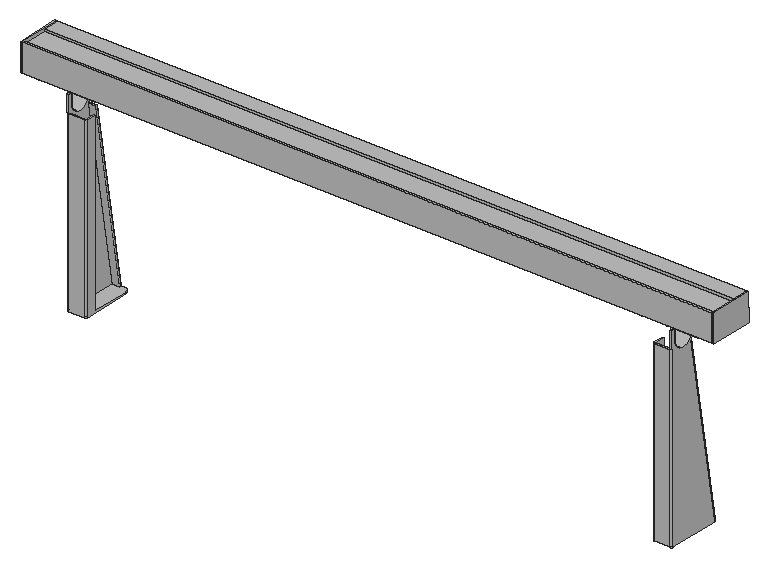
Revit family "4070757+4070747+4070772 Feilo Sylvania Lighting Fixtures CURSUS 876MM 548LM WIDE LED 3K with SINGLE WALL HOUSING with 250MM WALL BRACKET", category Lighting Fixtures, host Face, Revit 2017
Family settings
  Host = Face
  Round Connector Dimension = Use Diameter
  Part Type = Normal
  OmniClass Number = 23.80.70.14
  OmniClass Title = Luminaries for External Lighting
  Cut with Voids When Loaded = Yes
  Light Source = No
  Shared = No
  Room Calculation Point = No
Parameters (values of type "4070757 CURSUS 876MM 548LM WIDE LED 3K")
  Weight = "1.7 kg"
  Wattage Comments = "n/a"
  WarrantyStartDate [instance] = "n/a"
  WarrantyGuarantorParts = "n/a"
  WarrantyDurationUnit = "n/a"
  WarrantyDurationParts = "n/a"
  WarrantyDescription = "n/a"
  Voltage = 24 V
  URL = "http://www.sylvania-lighting.com"
  TypeName = "CURSUS 876MM 548LM WIDE LED 3K"
  TypeFixture_FEILO = CURSUS with SINGLE WALL HOUSING : CURSUS 876MM 548LM WIDE LED 3K
  Type Image = <None>
  Type Comments = "n/a"
  TiltAngle [instance] = 0.00°
  StartAngle [instance] = TiltAngle + 270.00°  # 270.00°
  SerialNumber [instance] = "n/a"
  ReflectorMaterial = none
  PowerFactor = 0
  PowerConsumption = "13.5 W"
  NominalLength = 876 mm
  NominalHeight = 50 mm
  NominalDepth = 30 mm
  Name = "CURSUS 876MM 548LM WIDE LED 3K"
  ModelReference = Name  # "CURSUS 876MM 548LM WIDE LED 3K"
  ModelNumber = "4070757"
  Model = Name  # "CURSUS 876MM 548LM WIDE LED 3K"
  Material = "natural anodised extruded aluminium structure housing"
  ManufacturerName = "Feilo Sylvania"
  Manufacturer = "Feilo Sylvania"
  LuminousEfficacy = "40.59 lm/W"
  LuminaireType = ""
  LightOutputRatio = "100"
  LampsType = Lamp  # "LED"
  LampNominalLuminous = "548 lm"
  LampMacAdamStep = "n/a"
  LampColourTemperature = "3000 K"
  LampColourRenderingIndex = "80"
  Lamp = "LED"
  Keynote = "16500"
  InstallationDate [instance] = "n/a"
  InputVoltage = "24V DC"
  InputNominalFrequency = "n/a"
  IngressProtection = "IP67"
  ImpactProtectionIndex = "IK07"
  IfcExportType = "IfcLightFixtureType"
  IfcExportAs = "IfcLightFixtureType"
  ExpectedLife = 50000
  EndAngle [instance] = StartAngle - 180.00°  # 90.00°
  ElectricShockClassification = "Class III"
  DurationUnit = "hours"
  DocumentationLiterature = "http://www.sylvania-lighting.com/product/en-int/products/4070757"
  DimmingControlOptions = "n/a"
  DiffuserMaterial = Diffuser-Sylvania-Glow
  Description = "LED Exterior Lighting Recessed Surface Mounted Linear Fixture, Natural anodised extruded aluminium structure. Die-cast aluminium end caps. Installation kit with harmonic steel springs., 548 lm, 13,5W, 40lm/W, 3000K, CRI80+,non dimmable,IP67, IK07, (HxWxD) 876x50x30mm, 3 step Mac Adam Ellipse, 1.7kg,, Classe III, 21-25V-DC, energy class : A++, A+, A"
  Default Elevation = 1219.2 mm
  CreatedOn = "1/8/2018"
  CreatedBy = ""
  Cost = 0
  built-in parameter 1114216 [instance] = (empty or 0)
  ClassificationValue = "EF_70_80"
  ClassificationName = "Uniclass2015"
  BracketWidth = 24 mm
  BracketThickness = 2 mm
  BracketHeightEnd = 32 mm
  BracketHeight = 70 mm
  BracketFlange = BracketHeight / 5  # 14 mm
  BracketExtension = 250 mm
  BracketEndReduction = 25 mm
  BracketC = 22 mm  # constant formula
  BracketDistance = 745 mm
  BracketD = BracketHeightEnd - (BracketC * (BracketHeight - BracketHeightEnd) / (BracketExtension - BracketEndReduction))  # 28.284 mm
  BodyMaterial = Body-Sylvania-Gray
  BarCode [instance] = "n/a"
  AssetType = "Fixed"
  AssetIdentifier [instance] = "n/a"
  Assembly Code = "D5020200"
  Apparent Load = 13.5 VA
  AccessoryMaterial = Diffuser-Sylvania-Glow
Reference planes
  plane 1 "Center (Front/Back)": y = 0
  plane 2: z = 0
  plane 3 "Center (Left/Right)": x = 0
  plane 4: x = -384.5
  plane 5: x = 384.5
  plane 6: y = 70
  plane 7: x = -360.5
  plane 8: x = 360.5
  plane 9: z = 250
  plane 10: z = 236
  plane 11: z = 2
  plane 12: z = 225
  plane 13: x = -382.5
  plane 14: y = 68
  plane 15: y = 2
  plane 16: x = -362.5
  plane 17: x = 362.5
  plane 18: x = 382.5
  plane 19: x = -372.5
  plane 20: x = 372.5
  plane 21: y = 14
  plane 22: y = 32
  plane 23: y = 30
  plane 24: z = 247
  plane 25: y = 28.284
  plane 26: y = 16
Forms (mm)
  Blend 1, solid, material "Body-Sylvania-Gray" <- "BodyMaterial"
    base sketch origin (1223.4, -4572, 2) x (0, -1, 0) y (1, 0, 0)
      loop
        line (-4640, -1595.9) -> (-4642, -1595.9) -> (-4642, -1605.9)
        arc (-4642, -1605.9) -> (-4641.414, -1607.314) -> (-4640, -1607.9) r 2
        line (-4640, -1607.9) -> (-4574, -1607.9)
        arc (-4574, -1607.9) -> (-4572.586, -1607.314) -> (-4572, -1605.9) r 2
        line (-4572, -1605.9) -> (-4572, -1585.9)
        arc (-4572, -1585.9) -> (-4572.586, -1584.486) -> (-4574, -1583.9) r 2
        line (-4574, -1583.9) -> (-4586, -1583.9) -> (-4586, -1585.9) -> (-4574, -1585.9) -> (-4574, -1605.9) -> (-4640, -1605.9) -> (-4640, -1595.9)
    top sketch origin (1223.4, -4572, 2) x (0, -1, 0) y (1, 0, 0)
      loop
        line (-4586, -1585.9) -> (-4574, -1585.9) -> (-4574, -1605.9) -> (-4602, -1605.9) -> (-4602, -1595.9) -> (-4604, -1595.9) -> (-4604, -1605.9)
        arc (-4604, -1605.9) -> (-4603.52, -1607.21) -> (-4602.309, -1607.9) r 2.028
        line (-4602.309, -1607.9) -> (-4574, -1607.9)
        arc (-4574, -1607.9) -> (-4572.586, -1607.314) -> (-4572, -1605.9) r 2
        line (-4572, -1605.9) -> (-4572, -1585.9)
        arc (-4572, -1585.9) -> (-4572.586, -1584.486) -> (-4574, -1583.9) r 2
        line (-4574, -1583.9) -> (-4586, -1583.9) -> (-4586, -1585.9)
    from 0 to 223
  Extrusion 2, solid, material "Body-Sylvania-Gray" <- "BodyMaterial"
    sketch origin (0, 0, 0) x (1, 0, 0) y (0, 1, 0)
      loop
        arc (-382.5, 70) -> (-383.914, 69.414) -> (-384.5, 68) r 2
        line (-384.5, 68) -> (-384.5, 2)
        arc (-384.5, 2) -> (-383.914, 0.586) -> (-382.5, 0) r 2
        line (-382.5, 0) -> (-362.5, 0)
        arc (-362.5, 0) -> (-361.086, 0.586) -> (-360.5, 2) r 2
        line (-360.5, 2) -> (-360.5, 62.5)
        arc (-360.5, 62.5) -> (-362.697, 67.803) -> (-368, 70) r 7.5
        line (-368, 70) -> (-382.5, 70)
      loop
        line (382.5, 70) -> (368, 70)
        arc (368, 70) -> (362.697, 67.803) -> (360.5, 62.5) r 7.5
        line (360.5, 62.5) -> (360.5, 2)
        arc (360.5, 2) -> (361.086, 0.586) -> (362.5, 0) r 2
        line (362.5, 0) -> (382.5, 0)
        arc (382.5, 0) -> (383.914, 0.586) -> (384.5, 2) r 2
        line (384.5, 2) -> (384.5, 68)
        arc (384.5, 68) -> (383.914, 69.414) -> (382.5, 70) r 2
    from 0 to 2
  Blend 3, solid, material "Body-Sylvania-Gray" <- "BodyMaterial"
    base sketch origin (1223.4, -4572, 2) x (0, -1, 0) y (1, 0, 0)
      loop
        line (-4640, -840.9) -> (-4574, -840.9) -> (-4574, -860.9) -> (-4586, -860.9) -> (-4586, -862.9) -> (-4574, -862.9)
        arc (-4574, -862.9) -> (-4572.586, -862.314) -> (-4572, -860.9) r 2
        line (-4572, -860.9) -> (-4572, -840.9)
        arc (-4572, -840.9) -> (-4572.586, -839.486) -> (-4574, -838.9) r 2
        line (-4574, -838.9) -> (-4640, -838.9)
        arc (-4640, -838.9) -> (-4641.414, -839.486) -> (-4642, -840.9) r 2
        line (-4642, -840.9) -> (-4642, -850.9) -> (-4640, -850.9) -> (-4640, -840.9)
    top sketch origin (1223.4, -4572, 2) x (0, -1, 0) y (1, 0, 0)
      loop
        line (-4602, -850.9) -> (-4602, -840.9) -> (-4574, -840.9) -> (-4574, -860.9) -> (-4586, -860.9) -> (-4586, -862.9) -> (-4574, -862.9)
        arc (-4574, -862.9) -> (-4572.586, -862.314) -> (-4572, -860.9) r 2
        line (-4572, -860.9) -> (-4572, -840.9)
        arc (-4572, -840.9) -> (-4572.586, -839.486) -> (-4574, -838.9) r 2
        line (-4574, -838.9) -> (-4602, -838.9)
        arc (-4602, -838.9) -> (-4603.414, -839.486) -> (-4604, -840.9) r 2
        line (-4604, -840.9) -> (-4604, -850.9) -> (-4602, -850.9)
    from 0 to 223
  Blend 4, solid, material "Body-Sylvania-Gray" <- "BodyMaterial"
    base sketch origin (1223.4, -4572, 225) x (0, -1, 0) y (1, 0, 0)
      loop
        line (-4604, -1607.9) -> (-4572, -1607.9) -> (-4572, -1605.9) -> (-4604, -1605.9) -> (-4604, -1607.9)
    top sketch origin (1223.4, -4572, 225) x (0, -1, 0) y (1, 0, 0)
      loop
        line (-4572, -1607.9) -> (-4572, -1605.9) -> (-4600.284, -1605.9) -> (-4600.284, -1607.9) -> (-4572, -1607.9)
    from 0 to 22
  Blend 5, solid, material "Body-Sylvania-Gray" <- "BodyMaterial"
    base sketch origin (1223.4, -4572, 225) x (0, -1, 0) y (1, 0, 0)
      loop
        line (-4604, -840.9) -> (-4572, -840.9) -> (-4572, -838.9) -> (-4604, -838.9) -> (-4604, -840.9)
    top sketch origin (1223.4, -4572, 225) x (0, -1, 0) y (1, 0, 0)
      loop
        line (-4572, -838.9) -> (-4600.284, -838.9) -> (-4600.284, -840.9) -> (-4572, -840.9) -> (-4572, -838.9)
    from 0 to 22
  Extrusion 6, void
    sketch origin (0, 0, 0) x (0, 1, 0) y (0, 0, 1)
      loop
        line (0, 225) -> (2, 225) -> (2, 226.5) -> (0, 226.5) -> (0, 225)
      loop
        line (32, 225) -> (32, 226.5) -> (30, 226.5) -> (30, 225) -> (32, 225)
    from -384.5 to 384.5
  Revolve 7, solid, not visible
    sketch origin (1524, 16, 1219.2) x (1, 0, 0) y (0, 0, 1)
      loop
        line (-1524, -972.2) -> (-1524, -983.2) -> (-1151.5, -983.2) -> (-1151.5, -972.2) -> (-1524, -972.2)
      axis (-1151.5, -983.2) -> (-1524, -983.2)
    angle from 270 <- "StartAngle" to 90 <- "EndAngle"
Cuts and joins
  Extrusion 6 cuts Blend 4
  Extrusion 6 cuts Blend 5
  joined: Blend 1, Extrusion 2, Blend 3, Blend 4, Blend 5
Lines and regions (mm)
  reference lines, not visible
    curve 1: line (-360.5, 16, 236) -> (360.5, 16, 236)
Dimensions and locks
  equal spacing: plane 4, plane 3 "Center (Left/Right)", plane 5
  "BracketDistance": plane 19 to plane 20
  "BracketHeight": plane 1 "Center (Front/Back)" to plane 6
  equal spacing: plane 7, plane 3 "Center (Left/Right)", plane 8
  "BracketWidth": plane 4 to plane 7
  "BracketExtension": plane 9 to plane 2
  "BracketThickness": plane 11 to plane 2
  "BracketEndReduction": plane 9 to plane 12
  equal spacing: plane 13, plane 3 "Center (Left/Right)", plane 18
  equal spacing: plane 16, plane 3 "Center (Left/Right)", plane 17
  "BracketThickness": plane 4 to plane 13
  "BracketThickness": plane 16 to plane 7
  "BracketThickness": plane 14 to plane 6
  "BracketThickness": plane 1 "Center (Front/Back)" to plane 15
  equal spacing: plane 4, plane 19, plane 7
  equal spacing: plane 8, plane 20, plane 5
  "BracketFlange": plane 1 "Center (Front/Back)" to plane 21
  "BracketHeightEnd": plane 1 "Center (Front/Back)" to plane 22
  "BracketThickness": plane 23 to plane 22
  locked: Extrusion 2 sketch curve to plane 7 at 7.5
  locked: Extrusion 2 sketch curve to plane 6 at 7.5  (x2)
  locked: plane 8 to Extrusion 2 sketch curve at 7.5
  "BracketC": plane 24 to plane 12
  "BracketD": plane 1 "Center (Front/Back)" to plane 25
  locked: plane 12 to Extrusion 6 sketch curve at 1.5
  equal spacing: plane 24, plane 10, plane 12
  equal spacing: plane 1 "Center (Front/Back)", plane 26, plane 22
  aligned and locked: plane 2 to host face
  aligned and locked: level to host face
  aligned and locked: plane 4 to Blend 1 sketch curve  (x2)
  aligned and locked: plane 13 to Blend 1 sketch curve  (x3)
  aligned and locked: Blend 1 sketch curve to plane 15
  aligned and locked: Blend 1 sketch curve to plane 16
  aligned and locked: Blend 1 sketch curve to plane 21
  aligned and locked: plane 7 to Blend 1 sketch curve
  aligned and locked: plane 16 to Blend 1 sketch curve
  aligned and locked: plane 1 "Center (Front/Back)" to Blend 1 sketch curve
  aligned and locked: plane 14 to Blend 1 sketch curve
  aligned and locked: Blend 1 sketch curve to var sketch  (x6)
  aligned and locked: Blend 1 sketch curve to plane 19
  aligned and locked: Blend 1 sketch curve to plane 22
  aligned and locked: plane 23 to Blend 1 sketch curve
  aligned and locked: plane 11 to Blend 1
  aligned and locked: Extrusion 2 sketch curve to Blend 1  (x3)
  aligned and locked: Extrusion 2 to level
  aligned and locked: Extrusion 2 to plane 11
  aligned and locked: Extrusion 2 sketch curve to plane 7
  aligned and locked: plane 18 to Blend 3 sketch curve  (x4)
  aligned and locked: plane 14 to Blend 3 sketch curve  (x2)
  aligned and locked: Blend 3 sketch curve to plane 20
  aligned and locked: Blend 3 sketch curve to plane 6
  aligned and locked: plane 5 to Blend 3 sketch curve
  aligned and locked: plane 1 "Center (Front/Back)" to Blend 3 sketch curve
  aligned and locked: plane 15 to Blend 3 sketch curve  (x2)
  aligned and locked: Blend 3 sketch curve to plane 8
  aligned and locked: Blend 3 sketch curve to plane 21
  aligned and locked: plane 17 to Blend 3 sketch curve
  aligned and locked: Blend 3 sketch curve to plane 18
  aligned and locked: plane 20 to Blend 3 sketch curve  (x2)
  aligned and locked: Blend 3 sketch curve to plane 23
  aligned and locked: Blend 3 sketch curve to var sketch  (x8)
  aligned and locked: var sketch to Blend 3 sketch curve
  aligned and locked: plane 22 to Blend 3 sketch curve
  aligned and locked: plane 11 to Blend 3
  aligned and locked: Extrusion 2 sketch curve to Blend 3  (x4)
  aligned and locked: Blend 1 to plane 12
  aligned and locked: Blend 3 to plane 12
  aligned and locked: Blend 4 sketch curve to plane 22
  aligned and locked: Blend 4 sketch curve to cut or joined group of Blend 1, Extrusion 2, Blend 3, Blend 4, Blend 5, Extrusion 6  (x2)
  aligned and locked: cut or joined group of Blend 1, Extrusion 2, Blend 3, Blend 4, Blend 5, Extrusion 6 to Blend 4 sketch curve
  aligned and locked: Blend 4 sketch curve to var sketch  (x2)
  aligned and locked: Blend 4 sketch curve to plane 13
  aligned and locked: Blend 4 to plane 24
  aligned and locked: Blend 4 sketch curve to plane 25
  aligned and locked: Blend 5 sketch curve to plane 18  (x2)
  aligned and locked: plane 1 "Center (Front/Back)" to Blend 5 sketch curve
  aligned and locked: plane 5 to Blend 5 sketch curve
  aligned and locked: plane 22 to Blend 5 sketch curve
  aligned and locked: Blend 5 sketch curve to var sketch
  aligned and locked: var sketch to Blend 5 sketch curve
  aligned and locked: Blend 5 sketch curve to plane 25
  aligned and locked: Blend 5 to plane 24
  aligned and locked: plane 12 to Blend 5
  aligned and locked: Extrusion 6 sketch curve to cut or joined group of Blend 1, Extrusion 2, Blend 3, Blend 4, Blend 5, Extrusion 6  (x2)
  aligned and locked: Extrusion 6 sketch curve to Extrusion 6 sketch curve
  aligned and locked: Extrusion 6 sketch curve to plane 15
  aligned and locked: plane 5 to Extrusion 6
  aligned and locked: Extrusion 6 to plane 4
  aligned and locked: Extrusion 6 sketch curve to plane 23
  aligned and locked: Revolve 7 sketch curve to plane 10  (x2)
  aligned and locked: plane 24 to Revolve 7 sketch curve
  aligned and locked: plane 3 "Center (Left/Right)" to Revolve 7 sketch curve
  aligned and locked: Revolve 7 sketch curve to plane 20
  aligned and locked: plane 7 to curve 1
  aligned and locked: plane 10 to curve 1
  aligned and locked: nested 1 to plane 5
  aligned and locked: nested 2 to plane 4
  aligned and locked: nested 1 to curve 1
  aligned and locked: nested 2 to curve 1
  aligned and locked: nested 1 to nested 3
  aligned and locked: nested 3 to plane 3 "Center (Left/Right)"
Automatic sketch dimensions
  host sketch curve to host sketch curve = 2438.4 mm  (x2)
  Blend 1 sketch curve to plane 13 = 0 mm
  plane 15 to Blend 1 sketch curve = 0 mm  (x3)
  Blend 1 sketch curve to plane 23 = 0.309 mm
  plane 6 to Blend 1 sketch curve = 0 mm
  plane 14 to Blend 1 sketch curve = 0 mm
  Blend 1 sketch curve to plane 19 = 0 mm
  Blend 3 sketch curve to plane 17 = 0 mm
  Extrusion 6 sketch curve to plane 1 "Center (Front/Back)" = 0 mm
  plane 12 to Extrusion 6 sketch curve = 0 mm
  Revolve 7 sketch curve to plane 4 = 1153 mm
  plane 5 to Revolve 7 sketch curve = 1161.4 mm
  curve 1 to plane 8 = 0 mm
Nested families
  nested 1: "MountingPlate" at (383.5, 16, 236) x (-1, 0, 0) z (0, 0, 1), type "MountingPlate"
  nested 2: "MountingPlate" at (-383.5, 16, 236) x (-1, 0, 0) z (0, 0, 1), type "MountingPlate"
  nested 3: "CURSUS with SINGLE WALL HOUSING" at (0, -4, 254) x (-1, 0, 0) z (0, 0, 1), type <- "TypeFixture_FEILO", type "CURSUS 876MM 548LM WIDE LED 3K"
    with WarrantyStartDate "n/a", SerialNumber "n/a", InstallationDate "n/a", EndCapRight yes, EndCapLeft yes, built-in parameter 1114216 (empty or 0), BarCode "n/a", AssetIdentifier "n/a"
Connectors
  electrical at (0, 0, 0), driven by "Voltage", driven by "Apparent Load", driven by "PowerFactor"
    settings: index 1, voltage 24 V, apparent load 13.5 VA, apparent load phase1 0 VA, apparent load phase2 0 VA, apparent load phase3 0 VA, power factor 0, load classification "Other", number of poles 1, system type 30, power factor state 1, is connector primary yes, connector utility no, sub classification motor no, connector description ""
Definition of nested family "MountingPlate"
  Parameters (values of type "MountingPlate")
    URL = "http://www.feilosylvania.com"
    Type Comments = "n/a"
    ReflectorMaterial = none
    MountingPlateWidth = 76 mm
    MountingPlateThickness = 2 mm
    MountingPlateRadiusBack = 12 mm
    MountingPlateRadius = 3 mm
    MountingPlateHeight = 35 mm
    Model = "n/a"
    Manufacturer = "Feilo Sylvania"
    Keynote = "n/a"
    DiffuserMaterial = none
    Description = "n/a"
    Default Elevation = 1219.2 mm
    Cost = 0
    BodyMaterial = none
    Assembly Code = "n/a"
    AccessoryMaterial = none
  Reference planes
    plane 1 "Center (Front/Back)": y = 0
    plane 2: z = 0
    plane 3 "Center (Left/Right)": x = 0
    plane 4: x = -38
    plane 5: x = 38
    plane 6: y = 17.5
    plane 7: y = -17.5
    plane 8: x = -3
    plane 9: x = 3
    plane 10: z = 18
    plane 11: z = 16
    plane 12: y = 12.5
    plane 13: y = -12.5
    plane 14: x = -1
    plane 15: x = 1
    plane 16: z = -12.5
    plane 17: z = -14.5
  Forms (mm)
    Extrusion 1, solid
      sketch origin (1.653, 0, 0) x (1, 0, 0) y (0, 1, 0)
        loop
          line (-1219.2, 1219.2) -> (-1219.2, -1219.2) -> (1219.2, -1219.2) -> (1219.2, 1219.2) -> (-1219.2, 1219.2)
      from 0 to -304.8
    Extrusion 2, solid, material <- "BodyMaterial"
      sketch origin (1218.4, -4572, 16) x (0, -1, 0) y (-1, 0, 0)
        loop
          line (-4589.5, 1253.4) -> (-4589.5, 1224.4)
          arc (-4589.5, 1224.4) -> (-4588.621, 1222.279) -> (-4586.5, 1221.4) r 3
          line (-4586.5, 1221.4) -> (-4557.5, 1221.4)
          arc (-4557.5, 1221.4) -> (-4555.379, 1222.279) -> (-4554.5, 1224.4) r 3
          line (-4554.5, 1224.4) -> (-4554.5, 1253.4)
          arc (-4554.5, 1253.4) -> (-4555.379, 1255.521) -> (-4557.5, 1256.4) r 3
          line (-4557.5, 1256.4) -> (-4586.5, 1256.4)
          arc (-4586.5, 1256.4) -> (-4588.621, 1255.521) -> (-4589.5, 1253.4) r 3
        loop
          arc (-4589.5, 1183.4) -> (-4588.621, 1181.279) -> (-4586.5, 1180.4) r 3
          line (-4586.5, 1180.4) -> (-4557.5, 1180.4)
          arc (-4557.5, 1180.4) -> (-4555.379, 1181.279) -> (-4554.5, 1183.4) r 3
          line (-4554.5, 1183.4) -> (-4554.5, 1212.4)
          arc (-4554.5, 1212.4) -> (-4555.379, 1214.521) -> (-4557.5, 1215.4) r 3
          line (-4557.5, 1215.4) -> (-4586.5, 1215.4)
          arc (-4586.5, 1215.4) -> (-4588.621, 1214.521) -> (-4589.5, 1212.4) r 3
          line (-4589.5, 1212.4) -> (-4589.5, 1183.4)
      from 0 to -2
    Extrusion 3, solid, material <- "BodyMaterial"
      sketch origin (0, 0, 0) x (1, 0, 0) y (0, 0, 1)
        loop
          line (-3, 18) -> (-3, -12.5) -> (-1, -12.5) -> (-1, 16)
          arc (-1, 16) -> (-1.586, 17.414) -> (-3, 18) r 2
        loop
          line (3, -12.5) -> (3, 18)
          arc (3, 18) -> (1.586, 17.414) -> (1, 16) r 2
          line (1, 16) -> (1, -12.5) -> (3, -12.5)
      from -12.5 to 12.5
    Extrusion 4, void
      sketch origin (0, 0, 0) x (0, 1, 0) y (0, 0, 1)
        loop
          line (-12.5, -0.5) -> (-17.5, -0.5) -> (-17.5, -14.5) -> (-0.5, -14.5) -> (-0.5, -12.5)
          arc (-0.5, -12.5) -> (-8.985, -8.985) -> (-12.5, -0.5) r 12
        loop
          line (0.5, -12.5) -> (0.5, -14.5) -> (17.5, -14.5) -> (17.5, -0.5) -> (12.5, -0.5)
          arc (12.5, -0.5) -> (8.985, -8.985) -> (0.5, -12.5) r 12
      from -3 to 3
  Cuts and joins
    Extrusion 4 cuts Extrusion 2
    Extrusion 4 cuts Extrusion 3
    joined: Extrusion 2, Extrusion 3
  Lines and regions (mm)
    reference lines
      curve 1: line (-38, 0, 0) -> (38, 0, 0)
  Dimensions and locks
    equal spacing: plane 4, plane 3 "Center (Left/Right)", plane 5
    "MountingPlateWidth": plane 4 to plane 5
    equal spacing: plane 7, plane 1 "Center (Front/Back)", plane 6
    "MountingPlateHeight": plane 7 to plane 6
    equal spacing: plane 8, plane 3 "Center (Left/Right)", plane 9
    "MountingPlateHeight": plane 4 to plane 8
    locked: plane 10 to plane 2 at 18
    "MountingPlateThickness": plane 10 to plane 11
    equal spacing: plane 13, plane 1 "Center (Front/Back)", plane 12
    locked: plane 13 to plane 12 at 25
    "MountingPlateRadius": plane 4 to Extrusion 2 sketch curve  (x2)
    "MountingPlateRadius": Extrusion 2 sketch curve to plane 6  (x4)
    "MountingPlateRadius": Extrusion 2 sketch curve to plane 8  (x2)
    "MountingPlateRadius": plane 7 to Extrusion 2 sketch curve  (x4)
    "MountingPlateRadius": plane 9 to Extrusion 2 sketch curve  (x2)
    "MountingPlateRadius": Extrusion 2 sketch curve to plane 5  (x2)
    equal spacing: plane 15, plane 3 "Center (Left/Right)", plane 14
    "MountingPlateThickness": plane 14 to plane 8
    locked: plane 2 to plane 16 at 12.5
    locked: plane 17 to plane 16 at 2
    "MountingPlateRadiusBack": plane 13 to Extrusion 4 sketch curve
    "MountingPlateRadiusBack": plane 16 to Extrusion 4 sketch curve  (x2)
    "MountingPlateRadiusBack": Extrusion 4 sketch curve to plane 12
    aligned and locked: plane 2 to Extrusion 1
    aligned and locked: level to Extrusion 1
    aligned and locked: Extrusion 2 sketch curve to plane 6
    aligned and locked: Extrusion 2 sketch curve to plane 4
    aligned and locked: plane 7 to Extrusion 2 sketch curve
    aligned and locked: plane 8 to Extrusion 2 sketch curve
    aligned and locked: plane 6 to Extrusion 2 sketch curve
    aligned and locked: Extrusion 2 sketch curve to plane 5
    aligned and locked: Extrusion 2 sketch curve to plane 7
    aligned and locked: plane 9 to Extrusion 2 sketch curve
    aligned and locked: Extrusion 2 to plane 10
    aligned and locked: plane 11 to Extrusion 2
    aligned and locked: Extrusion 3 sketch curve to Extrusion 2  (x2)
    aligned and locked: plane 16 to Extrusion 3 sketch curve  (x2)
    aligned and locked: plane 14 to Extrusion 3 sketch curve
    aligned and locked: plane 9 to Extrusion 3 sketch curve
    aligned and locked: plane 15 to Extrusion 3 sketch curve
    aligned and locked: Extrusion 3 to plane 12
    aligned and locked: plane 13 to Extrusion 3
    aligned and locked: plane 17 to Extrusion 4 sketch curve  (x2)
    aligned and locked: Extrusion 4 sketch curve to plane 7
    aligned and locked: Extrusion 4 sketch curve to plane 6
    aligned and locked: plane 9 to Extrusion 4
    aligned and locked: Extrusion 4 to plane 8
    aligned and locked: plane 4 to curve 1
    aligned and locked: curve 1 to level
  Automatic sketch dimensions
    Extrusion 1 sketch curve to Extrusion 1 sketch curve = 2438.4 mm  (x2)
    Extrusion 3 sketch curve to plane 11 = 0 mm
    curve 1 to plane 5 = 0 mm
    Extrusion 4 sketch curve to plane 13 = 0 mm
    Extrusion 4 sketch curve to plane 12 = 0 mm
Definition of nested family "CURSUS with SINGLE WALL HOUSING"
  Parameters (values of type "CURSUS 1161MM 827LM OVAL LED 3K")
    Width_FEILO = 35 mm
    Weight = "2.2 kg"
    Wattage Comments = "n/a"
    Wattage = 18 W
    WarrantyStartDate [instance] = "n/a"
    WarrantyGuarantorParts = "n/a"
    WarrantyDurationUnit = "n/a"
    WarrantyDurationParts = "n/a"
    WarrantyDescription = "n/a"
    WallThickness_FEILO = 2.5 mm
    built-in parameter 1150110 = 1 (stored number, unit not read)
    Voltage = 24 V
    URL = "http://www.feilosylvania.com"
    TypeName = "CURSUS 1161MM 827LM OVAL LED 3K"
    Type Image = (empty or 0)
    Type Comments = "n/a"
    built-in parameter 1114217 = 1 (stored number, unit not read)
    Tilt Angle = -90.00°
    built-in parameter 1150109 = 1 (stored number, unit not read)
    built-in parameter 1150134 = (empty or 0)
    built-in parameter 1150113 = 1 (stored number, unit not read)
    SerialNumber [instance] = "n/a"
    ReflectorMaterial = none
    PowerFactor = 0
    PowerConsumption = "18 W"
    Photometric Web File = "4070765.ies"
    NominalLength = 1161 mm
    NominalHeight = 50 mm
    NominalDepth = 30 mm
    Name = "CURSUS 1161MM 827LM OVAL LED 3K"
    ModelReference = Name  # "CURSUS 1161MM 827LM OVAL LED 3K"
    ModelNumber = ""
    Model = Name  # "CURSUS 1161MM 827LM OVAL LED 3K"
    Material = "natural anodised extruded aluminium structure housing, optical system with pmma lenses diffuser"
    ManufacturerName = "Feilo Sylvania"
    Manufacturer = "Feilo Sylvania"
    LuminousEfficacy = "45.94 lm/W"
    built-in parameter 1150105 = 1166.5 (stored number, unit not read)
    Lumens = 827 lm
    LuminaireType = ""
    built-in parameter 1150115 = 1 (stored number, unit not read)
    LightOutputRatio = "100"
    built-in parameter 1150137 = (empty or 0)
    built-in parameter 1150139 = (empty or 0)
    Length_FEILO = 1167 mm
    LampsType = Lamp  # "LED"
    LampNominalLuminous = "827 lm"
    LampMacAdamStep = "n/a"
    LampColourTemperature = "3000 K"
    LampColourRenderingIndex = "80"
    built-in parameter 1150112 = 1 (stored number, unit not read)
    built-in parameter 1150114 = 1 (stored number, unit not read)
    Lamp = "LED"
    Keynote = "16500"
    InstallationDate [instance] = "n/a"
    InputVoltage = "24V DC"
    InputNominalFrequency = "n/a"
    built-in parameter 1150132 = (empty or 0)
    built-in parameter 1150102 = (empty or 0)
    built-in parameter 1150107 = 3000 (stored number, unit not read)
    built-in parameter 1150138 = (empty or 0)
    IngressProtection = "IP67"
    ImpactProtectionIndex = "IK07"
    built-in parameter 1150106 = 11.665 (stored number, unit not read)
    IfcExportType = "IfcLightFixtureType"
    IfcExportAs = "IfcLightFixtureType"
    ExpectedLife = 50000
    EndCapRight [instance] = yes
    EndCapLeft [instance] = yes
    Emit from Rectangle Width = Width_FEILO - WallThickness_FEILO * 2  # 30 mm
    Emit from Rectangle Length = Length_FEILO - WallThickness_FEILO * 2  # 1162 mm
    Emit Shape Visible in Rendering = no
    ElectricShockClassification = "Class III"
    built-in parameter 1150104 = 4.2684 (stored number, unit not read)
    DurationUnit = "hours"
    DocumentationLiterature = "http://www.feilosylvania.com/product/en-int/products/4070765"
    DimmingControlOptions = "n/a"
    Dimming Lamp Color Temperature Shift = (empty or 0)
    DiffuserMaterial = none
    Description = "LED Exterior Lighting Recessed Surface Mounted Linear Fixture, Natural anodised extruded aluminium structure. Die-cast aluminium end caps. Installation kit with harmonic steel springs., 827 lm, 18W, 45lm/W, 3000K, CRI80+,non dimmable,IP67, IK07, (HxWxD) 1161x50x30mm, 3 step Mac Adam Ellipse, 2.2kg,, Classe III, 21-25V-DC, energy class : A++, A+, A"
    Default Elevation = 1219.2 mm
    CreatedOn = "1/8/2018"
    CreatedBy = "aron.fodor@feilosylvania.com"
    Cost = 0
    Color Filter = 16777215
    built-in parameter 1114216 [instance] = (empty or 0)
    ClassificationValue = "EF_70_80"
    ClassificationName = "Uniclass2015"
    BodyMaterial = none
    BarCode [instance] = "n/a"
    built-in parameter 1114218 = 1 (stored number, unit not read)
    built-in parameter 1150133 = 10 (stored number, unit not read)
    AssetType = "Fixed"
    AssetIdentifier [instance] = "n/a"
    Assembly Code = "D5020200"
    Apparent Load = 18 VA
    AccessoryMaterial = none
  Types (16, lengths in mm): name | Weight | Wattage | Voltage | TypeName | built-in parameter 1150134 | PowerConsumption | Photometric Web File | NominalLength | Name | ModelReference | Model | Material | LuminousEfficacy | built-in parameter 1150105 | Lumens | Length_FEILO | LampNominalLuminous | LampColourTemperature | InputVoltage | InputNominalFrequency | built-in parameter 1150107 | built-in parameter 1150106 | Emit from Rectangle Length | built-in parameter 1150104 | DocumentationLiterature | Description | Apparent Load
    CURSUS 1161MM 827LM OVAL LED 3K | "2.2 kg" | 18 W | 24 V | "CURSUS 1161MM 827LM OVAL LED 3K" | (empty or 0) | "18 W" | "4070765.ies" | 1161 | "CURSUS 1161MM 827LM OVAL LED 3K" | "CURSUS 1161MM 827LM OVAL LED 3K" | "CURSUS 1161MM 827LM OVAL LED 3K" | "natural anodised extruded aluminium structure housing, optical system with pmma lenses diffuser" | "45.94 lm/W" | 1166.5 (stored number, unit not read) | 827 lm | 1167 | "827 lm" | "3000 K" | "24V DC" | "n/a" | 3000 (stored number, unit not read) | 11.665 (stored number, unit not read) | 1162 | 4.2684 (stored number, unit not read) | "http://www.feilosylvania.com/product/en-int/products/4070765" | "LED Exterior Lighting Recessed Surface Mounted Linear Fixture, Natural anodised extruded aluminium structure. Die-cast aluminium end caps. Installation kit with harmonic steel springs., 827 lm, 18W, 45lm/W, 3000K, CRI80+,non dimmable,IP67, IK07, (HxWxD) 1161x50x30mm, 3 step Mac Adam Ellipse, 2.2kg,, Classe III, 21-25V-DC, energy class : A++, A+, A" | 18 VA
    CURSUS 1161MM 731LM WIDE LED 3K | "2.2 kg" | 18 W | 230 V | "CURSUS 1161MM 731LM WIDE LED 3K" | (empty or 0) | "18 W" | "4070764.ies" | 1161 | "CURSUS 1161MM 731LM WIDE LED 3K" | "CURSUS 1161MM 731LM WIDE LED 3K" | "CURSUS 1161MM 731LM WIDE LED 3K" | "natural anodised extruded aluminium structure housing" | "40.61 lm/W" | 403.47 (stored number, unit not read) | 731 lm | 1167 | "731 lm" | "3000 K" | "220-240V~" | "n/a" | 3000 (stored number, unit not read) | 4.0347 (stored number, unit not read) | 1162 | 3.7729 (stored number, unit not read) | "http://www.feilosylvania.com/product/en-int/products/4070764" | "LED Exterior Lighting Recessed Surface Mounted Linear Fixture, Natural anodised extruded aluminium structure. Die-cast aluminium end caps. Installation kit with harmonic steel springs., 731 lm, 18W, 40lm/W, 3000K, CRI80+,non dimmable,IP67, IK07, (HxWxD) 1161x50x30mm, 3 step Mac Adam Ellipse, 2.2kg,, Classe III, 21-25V-DC, energy class : A++, A+, A" | 18 VA
    CURSUS 1161MM 871LM OVAL LED 4K | "2.2 kg" | 18 W | 24 V | "CURSUS 1161MM 871LM OVAL LED 4K" | 12 | "18 W" | "4070763.ies" | 1161 | "CURSUS 1161MM 871LM OVAL LED 4K" | "CURSUS 1161MM 871LM OVAL LED 4K" | "CURSUS 1161MM 871LM OVAL LED 4K" | "natural anodised extruded aluminium structure housing, optical system with pmma lenses diffuser" | "48.38 lm/W" | 1192.8 (stored number, unit not read) | 871 lm | 1167 | "871 lm" | "4000 K" | "24V DC" | "50/60 Hz" | 4000 (stored number, unit not read) | 11.928 (stored number, unit not read) | 1162 | 4.4955 (stored number, unit not read) | "http://www.feilosylvania.com/product/en-int/products/4070763" | "LED Exterior Lighting Recessed Surface Mounted Linear Fixture, Natural anodised extruded aluminium structure. Die-cast aluminium end caps. Installation kit with harmonic steel springs., 871 lm, 18W,  48lm/W, 4000K, CRI80+,non dimmable,IP67, IK07, (HxWxD) 1161x50x30mm, 3 step Mac Adam Ellipse, 2.2kg,, Classe III, 21-25V-DC, energy class : A++, A+, A" | 18 VA
    CURSUS 1161MM 770LM WIDE LED 4K | "2.2 kg" | 18 W | 230 V | "CURSUS 1161MM 770LM WIDE LED 4K" | 12 | "18 W" | "4070762.ies" | 1161 | "CURSUS 1161MM 770LM WIDE LED 4K" | "CURSUS 1161MM 770LM WIDE LED 4K" | "CURSUS 1161MM 770LM WIDE LED 4K" | "natural anodised extruded aluminium structure housing" | "42.77 lm/W" | 424.94 (stored number, unit not read) | 770 lm | 1167 | "770 lm" | "4000 K" | "220-240V~" | "n/a" | 4000 (stored number, unit not read) | 4.2494 (stored number, unit not read) | 1162 | 3.9742 (stored number, unit not read) | "http://www.feilosylvania.com/product/en-int/products/4070762" | "LED Exterior Lighting Recessed Surface Mounted Linear Fixture, Natural anodised extruded aluminium structure. Die-cast aluminium end caps. Installation kit with harmonic steel springs., 770 lm, 18W,  42lm/W, 4000K, CRI80+,non dimmable,IP67, IK07, (HxWxD) 1161x50x30mm, 3 step Mac Adam Ellipse, 2.2kg,, Classe III, 21-25V-DC, energy class : A++, A+, A" | 18 VA
    CURSUS 876MM 620LM OVAL LED 3K | "1.7 kg" | 13.5 W | 24 V | "CURSUS 876MM 620LM OVAL LED 3K" | (empty or 0) | "13.5 W" | "4070758.ies" | 876 | "CURSUS 876MM 620LM OVAL LED 3K" | "CURSUS 876MM 620LM OVAL LED 3K" | "CURSUS 876MM 620LM OVAL LED 3K" | "natural anodised extruded aluminium structure housing, optical system with pmma lenses diffuser" | "45.92 lm/W" | 874.55 (stored number, unit not read) | 620 lm | 882 | "620 lm" | "3000 K" | "24V DC" | "50/60 Hz" | 3000 (stored number, unit not read) | 8.7455 (stored number, unit not read) | 877 | 4.2667 (stored number, unit not read) | "http://www.feilosylvania.com/product/en-int/products/4070758" | "LED Exterior Lighting Recessed Surface Mounted Linear Fixture, Natural anodised extruded aluminium structure. Die-cast aluminium end caps. Installation kit with harmonic steel springs., 620 lm, 13,5W, 45lm/W, 3000K, CRI80+,non dimmable,IP67, IK07, (HxWxD) 876x50x30mm, 3 step Mac Adam Ellipse, 1.7kg,, Classe III, 21-25V-DC, energy class : A++, A+, A" | 13.5 VA
    CURSUS 876MM 548LM WIDE LED 3K | "1.7 kg" | 13.5 W | 24 V | "CURSUS 876MM 548LM WIDE LED 3K" | (empty or 0) | "13.5 W" | "4070757.ies" | 876 | "CURSUS 876MM 548LM WIDE LED 3K" | "CURSUS 876MM 548LM WIDE LED 3K" | "CURSUS 876MM 548LM WIDE LED 3K" | "natural anodised extruded aluminium structure housing" | "40.59 lm/W" | 302.47 (stored number, unit not read) | 548 lm | 882 | "548 lm" | "3000 K" | "24V DC" | "n/a" | 3000 (stored number, unit not read) | 3.0247 (stored number, unit not read) | 877 | 3.7712 (stored number, unit not read) | "http://www.feilosylvania.com/product/en-int/products/4070757" | "LED Exterior Lighting Recessed Surface Mounted Linear Fixture, Natural anodised extruded aluminium structure. Die-cast aluminium end caps. Installation kit with harmonic steel springs., 548 lm, 13,5W, 40lm/W, 3000K, CRI80+,non dimmable,IP67, IK07, (HxWxD) 876x50x30mm, 3 step Mac Adam Ellipse, 1.7kg,, Classe III, 21-25V-DC, energy class : A++, A+, A" | 13.5 VA
    CURSUS 876MM 653LM OVAL LED 4K | "1.7 kg" | 13.5 W | 24 V | "CURSUS 876MM 653LM OVAL LED 4K" | 12 | "13.5 W" | "4070756.ies" | 876 | "CURSUS 876MM 653LM OVAL LED 4K" | "CURSUS 876MM 653LM OVAL LED 4K" | "CURSUS 876MM 653LM OVAL LED 4K" | "natural anodised extruded aluminium structure housing, optical system with pmma lenses diffuser" | "48.37 lm/W" | 894.28 (stored number, unit not read) | 653 lm | 882 | "653 lm" | "4000 K" | "24V DC" | "n/a" | 4000 (stored number, unit not read) | 8.9428 (stored number, unit not read) | 877 | 4.4938 (stored number, unit not read) | "http://www.feilosylvania.com/product/en-int/products/4070756" | "LED Exterior Lighting Recessed Surface Mounted Linear Fixture, Natural anodised extruded aluminium structure. Die-cast aluminium end caps. Installation kit with harmonic steel springs., 653 lm, 13,5W,  48lm/W, 4000K, CRI80+,non dimmable,IP67, IK07, (HxWxD) 876x50x30mm, 3 step Mac Adam Ellipse, 1.7kg,, Classe III, 21-25V-DC, energy class : A++, A+, A" | 13.5 VA
    CURSUS 876MM 577LM WIDE LED 4K | "1.7 kg" | 13.5 W | 24 V | "CURSUS 876MM 577LM WIDE LED 4K" | 12 | "13.5 W" | "4070755.ies" | 876 | "CURSUS 876MM 577LM WIDE LED 4K" | "CURSUS 876MM 577LM WIDE LED 4K" | "CURSUS 876MM 577LM WIDE LED 4K" | "natural anodised extruded aluminium structure housing" | "42.74 lm/W" | 318.43 (stored number, unit not read) | 577 lm | 882 | "577 lm" | "4000 K" | "24V DC" | "n/a" | 4000 (stored number, unit not read) | 3.1843 (stored number, unit not read) | 877 | 3.9707 (stored number, unit not read) | "http://www.feilosylvania.com/product/en-int/products/4070755" | "LED Exterior Lighting Recessed Surface Mounted Linear Fixture, Natural anodised extruded aluminium structure. Die-cast aluminium end caps. Installation kit with harmonic steel springs., 577 lm, 13,5W,  42lm/W, 4000K, CRI80+,non dimmable,IP67, IK07, (HxWxD) 876x50x30mm, 3 step Mac Adam Ellipse, 1.7kg,, Classe III, 21-25V-DC, energy class : A++, A+, A" | 13.5 VA
    CURSUS 591MM 414LM OVAL LED 3K | "1.2 kg" | 9 W | 24 V | "CURSUS 591MM 414LM OVAL LED 3K" | (empty or 0) | "9 W" | "4070751.ies" | 591 | "CURSUS 591MM 414LM OVAL LED 3K" | "CURSUS 591MM 414LM OVAL LED 3K" | "CURSUS 591MM 414LM OVAL LED 3K" | "natural anodised extruded aluminium structure housing, optical system with pmma lenses diffuser" | "46 lm/W" | 583.97 (stored number, unit not read) | 414 lm | 597 | "414 lm" | "3000 K" | "24V DC" | "n/a" | 3000 (stored number, unit not read) | 5.8397 (stored number, unit not read) | 592 | 4.2735 (stored number, unit not read) | "http://www.feilosylvania.com/product/en-int/products/4070751" | "LED Exterior Lighting Recessed Surface Mounted Linear Fixture, Natural anodised extruded aluminium structure. Die-cast aluminium end caps. Installation kit with harmonic steel springs., 414 lm, 9W, 46lm/W, 3000K, CRI80+,non dimmable,IP67, IK07, (HxWxD) 591x50x30mm, 3 step Mac Adam Ellipse, 1.2kg,, Classe III, 21-25V-DC, energy class : A++, A+, A" | 9 VA
    CURSUS 591MM 365LM WIDE LED 3K | "1.2 kg" | 9 W | 24 V | "CURSUS 591MM 365LM WIDE LED 3K" | (empty or 0) | "9 W" | "4070750.ies" | 591 | "CURSUS 591MM 365LM WIDE LED 3K" | "CURSUS 591MM 365LM WIDE LED 3K" | "CURSUS 591MM 365LM WIDE LED 3K" | "natural anodised extruded aluminium structure housing" | "40.55 lm/W" | 201.45 (stored number, unit not read) | 365 lm | 597 | "365 lm" | "3000 K" | "24V DC" | "n/a" | 3000 (stored number, unit not read) | 2.0145 (stored number, unit not read) | 592 | 3.7677 (stored number, unit not read) | "http://www.feilosylvania.com/product/en-int/products/4070750" | "LED Exterior Lighting Recessed Surface Mounted Linear Fixture, Natural anodised extruded aluminium structure. Die-cast aluminium end caps. Installation kit with harmonic steel springs., 365 lm, 9W, 40lm/W, 3000K, CRI80+,non dimmable,IP67, IK07, (HxWxD) 591x50x30mm, 3 step Mac Adam Ellipse, 1.2kg,, Classe III, 21-25V-DC, energy class : A++, A+, A" | 9 VA
    CURSUS 591MM 435LM OVAL LED 4K | "1.2 kg" | 9 W | 24 V | "CURSUS 591MM 435LM OVAL LED 4K" | 12 | "9 W" | "4070749.ies" | 591 | "CURSUS 591MM 435LM OVAL LED 4K" | "CURSUS 591MM 435LM OVAL LED 4K" | "CURSUS 591MM 435LM OVAL LED 4K" | "natural anodised extruded aluminium structure housing, optical system with pmma lenses diffuser" | "48.33 lm/W" | 595.73 (stored number, unit not read) | 435 lm | 597 | "435 lm" | "4000 K" | "24V DC" | "n/a" | 4000 (stored number, unit not read) | 5.9573 (stored number, unit not read) | 592 | 4.4903 (stored number, unit not read) | "http://www.feilosylvania.com/product/en-int/products/4070749" | "LED Exterior Lighting Recessed Surface Mounted Linear Fixture, Natural anodised extruded aluminium structure. Die-cast aluminium end caps. Installation kit with harmonic steel springs., 435 lm, 9W, 48lm/W, 4000K, CRI80+,non dimmable,IP67, IK07, (HxWxD) 591x50x30mm, 3 step Mac Adam Ellipse, 1.2kg,, Classe III, 21-25V-DC, energy class : A++, A+, A" | 9 VA
    CURSUS 591MM 385LM WIDE LED 4K | "1.2 kg" | 9 W | 24 V | "CURSUS 591MM 385LM WIDE LED 4K" | 12 | "9 W" | "4070748.ies" | 591 | "CURSUS 591MM 385LM WIDE LED 4K" | "CURSUS 591MM 385LM WIDE LED 4K" | "CURSUS 591MM 385LM WIDE LED 4K" | "natural anodised extruded aluminium structure housing" | "42.77 lm/W" | 212.47 (stored number, unit not read) | 385 lm | 597 | "385 lm" | "4000 K" | "24V DC" | "n/a" | 4000 (stored number, unit not read) | 2.1247 (stored number, unit not read) | 592 | 3.9742 (stored number, unit not read) | "http://www.feilosylvania.com/product/en-int/products/4070748" | "LED Exterior Lighting Recessed Surface Mounted Linear Fixture, Natural anodised extruded aluminium structure. Die-cast aluminium end caps. Installation kit with harmonic steel springs., 385 lm, 9W,  42lm/W, 4000K, CRI80+,non dimmable,IP67, IK07, (HxWxD) 591x50x30mm, 3 step Mac Adam Ellipse, 1.2kg,, Classe III, 21-25V-DC, energy class : A++, A+, A" | 9 VA
    CURSUS 306MM 207LM OVAL LED3K | "0.6 kg" | 4.5 W | 24 V | "CURSUS 306MM 207LM OVAL LED3K" | (empty or 0) | "4.5 W" | "4070744.ies" | 306 | "CURSUS 306MM 207LM OVAL LED3K" | "CURSUS 306MM 207LM OVAL LED3K" | "CURSUS 306MM 207LM OVAL LED3K" | "natural anodised extruded aluminium structure housing, optical system with pmma lenses diffuser" | "46 lm/W" | 291.98 (stored number, unit not read) | 207 lm | 312 | "207 lm" | "3000 K" | "24V DC" | "n/a" | 3000 (stored number, unit not read) | 2.9198 (stored number, unit not read) | 307 | 4.2735 (stored number, unit not read) | "http://www.feilosylvania.com/product/en-int/products/4070744" | "LED Exterior Lighting Recessed Surface Mounted Linear Fixture, Natural anodised extruded aluminium structure. Die-cast aluminium end caps. Installation kit with harmonic steel springs., 207 lm, 4,5W, 46lm/W, 3000K, CRI80+,non dimmable,IP67, IK07, (HxWxD) 306x50x30mm, 3 step Mac Adam Ellipse, 0.6kg,, Classe III, 21-25V-DC, energy class : A++, A+, A" | 4.5 VA
    CURSUS 306MM 183LM WIDE LED 3K | "0.6 kg" | 4.5 W | 24 V | "CURSUS 306MM 183LM WIDE LED 3K" | (empty or 0) | "4.5 W" | "4070743.ies" | 306 | "CURSUS 306MM 183LM WIDE LED 3K" | "CURSUS 306MM 183LM WIDE LED 3K" | "CURSUS 306MM 183LM WIDE LED 3K" | "natural anodised extruded aluminium structure housing" | "40.66 lm/W" | 101.01 (stored number, unit not read) | 183 lm | 312 | "183 lm" | "3000 K" | "24V DC" | "n/a" | 3000 (stored number, unit not read) | 1.0101 (stored number, unit not read) | 307 | 3.7781 (stored number, unit not read) | "http://www.feilosylvania.com/product/en-int/products/4070743" | "LED Exterior Lighting Recessed Surface Mounted Linear Fixture, Natural anodised extruded aluminium structure. Die-cast aluminium end caps. Installation kit with harmonic steel springs., 183 lm, 4,5W, 40lm/W, 3000K, CRI80+,non dimmable,IP67, IK07, (HxWxD) 306x50x30mm, 3 step Mac Adam Ellipse, 0.6kg,, Classe III, 21-25V-DC, energy class : A++, A+, A" | 4.5 VA
    CURSUS 306MM 218LM OVAL LED 4K | "0.6 kg" | 4.5 W | 24 V | "CURSUS 306MM 218LM OVAL LED 4K" | 12 | "4.5 W" | "4070742.ies" | 306 | "CURSUS 306MM 218LM OVAL LED 4K" | "CURSUS 306MM 218LM OVAL LED 4K" | "CURSUS 306MM 218LM OVAL LED 4K" | "natural anodised extruded aluminium structure housing, optical system with pmma lenses diffuser" | "48.44 lm/W" | 298.55 (stored number, unit not read) | 218 lm | 312 | "218 lm" | "4000 K" | "24V DC" | "n/a" | 4000 (stored number, unit not read) | 2.9855 (stored number, unit not read) | 307 | 4.5006 (stored number, unit not read) | "http://www.feilosylvania.com/product/en-int/products/4070742" | "LED Exterior Lighting Recessed Surface Mounted Linear Fixture, Natural anodised extruded aluminium structure. Die-cast aluminium end caps. Installation kit with harmonic steel springs., 218 lm, 4,5W,  48lm/W, 4000K, CRI80+,non dimmable,IP67, IK07, (HxWxD) 306x50x30mm, 3 step Mac Adam Ellipse, 0.6kg,, Classe III, 21-25V-DC, energy class : A++, A+, A" | 4.5 VA
    CURSUS 306MM 192LM WIDE LED 4K | "0.6 kg" | 4.5 W | 24 V | "CURSUS 306MM 192LM WIDE LED 4K" | 12 | "4.5 W" | "4070741.ies" | 306 | "CURSUS 306MM 192LM WIDE LED 4K" | "CURSUS 306MM 192LM WIDE LED 4K" | "CURSUS 306MM 192LM WIDE LED 4K" | "natural anodised extruded aluminium structure housing" | "42.66 lm/W" | 105.96 (stored number, unit not read) | 192 lm | 312 | "192 lm" | "4000 K" | "24V DC" | "n/a" | 4000 (stored number, unit not read) | 1.0596 (stored number, unit not read) | 307 | 3.9639 (stored number, unit not read) | "http://www.feilosylvania.com/product/en-int/products/4070741" | "LED Exterior Lighting Recessed Surface Mounted Linear Fixture, Natural anodised extruded aluminium structure. Die-cast aluminium end caps. Installation kit with harmonic steel springs., 192 lm, 4,5W,  42lm/W, 4000K, CRI80+,non dimmable,IP67, IK07, (HxWxD) 306x50x30mm, 3 step Mac Adam Ellipse, 0.6kg,, Classe III, 21-25V-DC, energy class : A++, A+, A" | 4.5 VA
  Reference planes
    plane 1 "Center (Front/Back)": y = 0
    plane 2: z = 0
    plane 3 "Center (Left/Right)": x = 0
    plane 4: x = 583.5
    plane 5: x = -583.5
    plane 6: x = -581
    plane 7: x = 581
    plane 8: z = 35
    plane 9: z = 17.5
    plane 10: z = 32.5
    plane 11: z = 2.5
    plane 12: z = 30
    plane 13: z = 5
    plane 14: y = -55
    plane 15: y = -53
    plane 16: y = -2.5
    plane 17: y = -37
    plane 18: y = -34.5
  Forms (mm)
    Extrusion 1, solid
      sketch origin (4.2, 0, 0) x (1, 0, 0) y (0, 1, 0)
        loop
          line (-1219.2, 1219.2) -> (-1219.2, -1219.2) -> (1219.2, -1219.2) -> (1219.2, 1219.2) -> (-1219.2, 1219.2)
      from 0 to -304.8
    Extrusion 2, solid, material <- "BodyMaterial"
      sketch origin (0, 0, 0) x (0, 1, 0) y (0, 0, 1)
        loop
          line (0, 35) -> (-2.5, 35) -> (-2.5, 32.5) -> (-34.5, 32.5) -> (-34.5, 35) -> (-55, 35) -> (-55, 32.5) -> (-37, 32.5) -> (-37, 30) -> (-2.5, 30) -> (-2.5, 5) -> (-37, 5) -> (-37, 2.5) -> (-55, 2.5) -> (-55, 0) -> (-34.5, 0) -> (-34.5, 2.5) -> (-2.5, 2.5) -> (-2.5, 0) -> (0, 0) -> (0, 35)
      from -581 to 581
    Extrusion 3, solid, material <- "DiffuserMaterial"
      sketch origin (0, 0, 0) x (0, 1, 0) y (0, 0, 1)
        loop
          line (-37, 32.5) -> (-55, 32.5) -> (-55, 19.5) -> (-53, 17.5) -> (-55, 15.5) -> (-55, 2.5) -> (-37, 2.5) -> (-37, 32.5)
      from -581 to 581
    Extrusion 4, solid, material <- "BodyMaterial", visible <- "EndCapRight"
      sketch origin (581, 1524, 1219.2) x (0, 1, 0) y (0, 0, 1)
        loop
          line (-1579, -1184.2) -> (-1579, -1219.2) -> (-1524, -1219.2) -> (-1524, -1184.2) -> (-1579, -1184.2)
      from 0 to 2.5
    Extrusion 5, solid, material <- "BodyMaterial", visible <- "EndCapLeft"
      sketch origin (-581, 1524, 1219.2) x (0, 1, 0) y (0, 0, 1)
        loop
          line (-1579, -1184.2) -> (-1579, -1219.2) -> (-1524, -1219.2) -> (-1524, -1184.2) -> (-1579, -1184.2)
      from -2.5 to 0
  Dimensions and locks
    equal spacing: plane 5, plane 3 "Center (Left/Right)", plane 4
    "Length_FEILO": plane 5 to plane 4
    equal spacing: plane 6, plane 3 "Center (Left/Right)", plane 7
    "WallThickness_FEILO": plane 5 to plane 6
    locked: plane 9 to plane 2 at 17.5
    locked: plane 8 to plane 2 at 35
    equal spacing: plane 11, plane 9, plane 10
    equal spacing: plane 13, plane 9, plane 12
    "WallThickness_FEILO": plane 12 to plane 10
    locked: plane 14 to plane 15 at 2
    locked: plane 14 to plane 17 at 18
    "WallThickness_FEILO": plane 17 to plane 18
    "WallThickness_FEILO": plane 16 to plane 1 "Center (Front/Back)"
    locked: plane 15 to Extrusion 3 sketch curve (angle 45.00°)
    locked: Extrusion 3 sketch curve to plane 15 (angle 45.00°)
    aligned and locked: plane 2 to Extrusion 1
    aligned and locked: level to Extrusion 1
    aligned and locked: plane 1 "Center (Front/Back)" to Extrusion 2 sketch curve
    aligned and locked: Extrusion 2 sketch curve to plane 8  (x2)
    aligned and locked: plane 16 to Extrusion 2 sketch curve
    aligned and locked: Extrusion 1 to Extrusion 2 sketch curve
    aligned and locked: Extrusion 2 sketch curve to plane 16  (x2)
    aligned and locked: Extrusion 2 sketch curve to plane 11
    aligned and locked: plane 18 to Extrusion 2 sketch curve
    aligned and locked: level to Extrusion 2 sketch curve
    aligned and locked: plane 11 to Extrusion 2 sketch curve
    aligned and locked: Extrusion 2 sketch curve to plane 17
    aligned and locked: plane 13 to Extrusion 2 sketch curve
    aligned and locked: Extrusion 2 sketch curve to plane 12
    aligned and locked: plane 10 to Extrusion 2 sketch curve  (x2)
    aligned and locked: plane 17 to Extrusion 2 sketch curve  (x2)
    aligned and locked: plane 12 to Extrusion 2 sketch curve
    aligned and locked: Extrusion 2 sketch curve to plane 10
    aligned and locked: Extrusion 2 sketch curve to plane 18
    aligned and locked: plane 7 to Extrusion 2
    aligned and locked: Extrusion 2 to plane 6
    aligned and locked: Extrusion 3 sketch curve to Extrusion 2  (x4)
    aligned and locked: Extrusion 2 to Extrusion 3 sketch curve
    aligned and locked: plane 9 to Extrusion 3 sketch curve
    aligned and locked: plane 7 to Extrusion 3
    aligned and locked: Extrusion 3 to plane 6
    aligned and locked: Extrusion 4 sketch curve to Extrusion 2  (x4)
    aligned and locked: plane 4 to Extrusion 4
    aligned and locked: Extrusion 4 to plane 7
    aligned and locked: Extrusion 5 sketch curve to Extrusion 4  (x3)
    aligned and locked: Extrusion 5 sketch curve to Extrusion 2
    aligned and locked: Extrusion 5 to plane 5
    aligned and locked: plane 6 to Extrusion 5
    aligned and locked: plane 14 to imposter light
    aligned and locked: imposter light to plane 9
    aligned and locked: plane 3 "Center (Left/Right)" to imposter light
  Automatic sketch dimensions
    Extrusion 1 sketch curve to Extrusion 1 sketch curve = 2438.4 mm  (x2)
    Extrusion 2 sketch curve to plane 14 = 0 mm  (x2)
    Extrusion 3 sketch curve to plane 15 = 0 mm
  Connectors
    electrical at (0, 0, 0), driven by "Apparent Load", driven by "PowerFactor", driven by "Voltage"
      settings: index 1, voltage 24 V, apparent load 18 VA, apparent load phase1 0 VA, apparent load phase2 0 VA, apparent load phase3 0 VA, power factor 0, load classification none, number of poles 1, system type 30, power factor state 1, is connector primary yes, connector utility no, sub classification motor no, connector description ""
